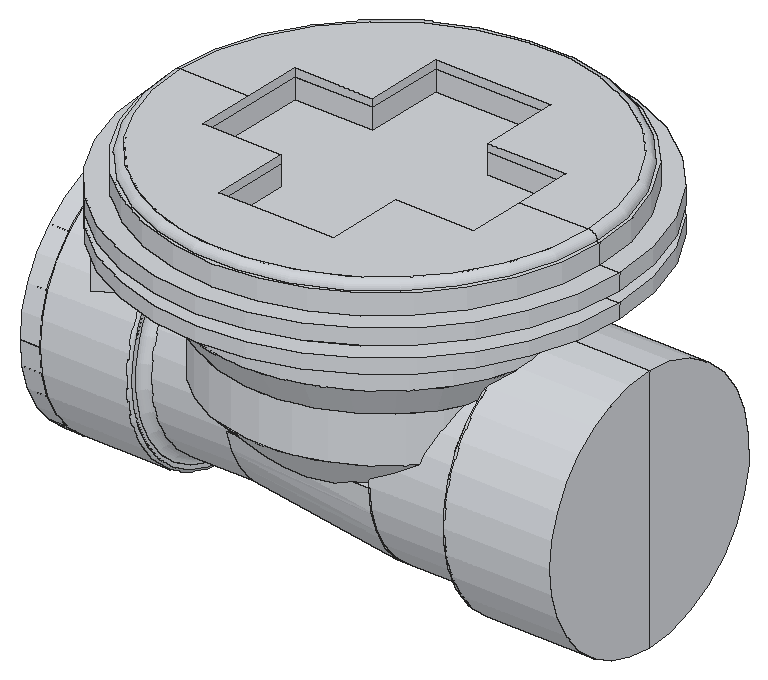
Revit family
Parameters
  URL = "www.siouxchief.com"
  Model = "869-S3P"
  Manufacturer = "Sioux Chief Manufacturing"
  Keynote = "Procheck Backflow Preventer"
  Description = "3\" PVC"
Reference planes (in)
  plane 1 "Center (Front/Back)": y = 0
  plane 2: z = 0
  plane 3 "Center (Left/Right)": x = 0
Forms (in)
  Revolve 1, solid
    sketch origin (6.20933, 0, 0) x (0, 0, 1) y (-1, 0, 0)
      loop
        line (-2.00277, 10.48306) -> (-2.00277, 8.77099)
        arc (-2.00277, 8.77099) -> (-1.98837, 8.73938) -> (-1.95771, 8.72306) r 0.05403
        line (-1.95771, 8.72306) -> (-1.89527, 8.72306)
        arc (-1.89527, 8.72306) -> (-1.7892, 8.67913) -> (-1.74527, 8.57306) r 0.15
        line (-1.74527, 8.57306) -> (-1.74527, 7.35856) -> (0, 7.35856) -> (0, 10.48306) -> (-2.00277, 10.48306)
      axis (0, 7.35856) -> (0, 10.48306)
    angle from 0 to 360
  Revolve 2, solid
    sketch origin (-6.20933, 0, -0.325) x (0, 0, 1) y (-1, 0, 0)
      loop
        line (-2.00277, -10.48306) -> (0, -10.48306) -> (0, -7.35856) -> (-1.74527, -7.35856) -> (-1.74527, -8.57306)
        arc (-1.74527, -8.57306) -> (-1.7892, -8.67913) -> (-1.89527, -8.72306) r 0.15
        line (-1.89527, -8.72306) -> (-1.95771, -8.72306)
        arc (-1.95771, -8.72306) -> (-1.98837, -8.73938) -> (-2.00277, -8.77099) r 0.05403
        line (-2.00277, -8.77099) -> (-2.00277, -10.48306)
      axis (0, -7.35856) -> (0, -10.48306)
    angle from 0 to 360
  Revolve 3, solid
    sketch origin (0, 0, 0) x (0, 0, 1) y (-1, 0, 0)
      loop
        line (3.2533, 3.4775) -> (2.9237, 3.4775) -> (2.9237, 3.8) -> (2.6737, 3.8) -> (2.6737, 3.4775) -> (2.4887, 3.4775) -> (2.4887, 3.8) -> (2.2598, 3.8) -> (2.2598, 2.88) -> (1.4989, 2.88) -> (0.966, 2.5126) -> (0.2115, 2.5126) -> (-0.4921, 1.809) -> (-0.4921, 0) -> (3.2533, 0) -> (3.2533, 3.4775)
      axis (3.2533, 0) -> (-0.4921, 0)
    angle from 0 to 360
  Extrusion 4, solid
    sketch origin (14.85944, -180, 25.11806) x (0, -1, 0) y (1, 0, 0)
      loop
        arc (-181.89136, -18.08549) -> (-180, -18.66043) -> (-178.10864, -18.08549) r 3.39844
        line (-178.10864, -18.08549) -> (-180, -14.85944) -> (-181.89136, -18.08549)
    from -24.08979 to -22.62936
  Blend 5, solid
    base sketch origin (1.14923, 0, -0.325) x (0, 1, 0) y (0, 0, -1)
      loop
        line (-1.7452, 0.01526) -> (1.7452, 0.01526)
        arc (1.7452, 0.01526) -> (0, 1.76046) -> (-1.7452, 0.01526) r 1.7452
    top sketch origin (1.14923, 0, -0.325) x (0, 1, 0) y (0, 0, -1)
      loop
        arc (1.7452, 0.01526) -> (0, 1.42027) -> (-1.7452, 0.01526) r 1.78639
        line (-1.7452, 0.01526) -> (1.7452, 0.01526)
    from 0 to 2.29846
  Extrusion 6, solid
    sketch origin (1.14923, 0, -0.325) x (0, 1, 0) y (0, 0, -1)
      loop
        circle (0, -0.325) r 2.00277
    from 5.11447 to 5.42296
  Revolve 7, solid
    sketch origin (0, 0, -0.1) x (0, 0, 1) y (-1, 0, 0)
      loop
        line (3.3533, 0) -> (3.4783, 0) -> (3.4783, 3.2925)
        arc (3.4783, 3.2925) -> (3.44351, 3.38414) -> (3.3533, 3.4225) r 0.12499
        line (3.3533, 3.4225) -> (3.3533, 0)
      axis (3.3533, 0) -> (3.4783, 0)
    angle from 0 to 360
  Extrusion 8, void
    sketch origin (14.85944, -180, 25.11806) x (0, -1, 0) y (1, 0, 0)
      loop
        line (-182.1885, -15.78694) -> (-177.8115, -15.78694) -> (-177.8115, -13.93194) -> (-182.1885, -13.93194) -> (-182.1885, -15.78694)
    from -22.19436 to -21.73976
  Extrusion 9, void
    sketch origin (-180, -14.85944, 25.11806) x (-1, 0, 0) y (0, -1, 0)
      loop
        line (-182.1885, -15.78694) -> (-177.8115, -15.78694) -> (-177.8115, -13.93194) -> (-182.1885, -13.93194) -> (-182.1885, -15.78694)
    from -22.19436 to -21.73976
Cuts and joins
  Extrusion 8, Extrusion 9 cuts Revolve 7
  Extrusion 8, Extrusion 9 cuts Revolve 3
Dimensions and locks (in)
  aligned and locked: plane 2 to level
  aligned and locked: Extrusion 4 to Revolve 3
  aligned and locked: Extrusion 8 to Revolve 7
Connectors (in)
  piping at (4.27373, 0, -0.325)
    settings: on Revolve 2, index 1, connector radius 1 1/2", flow factor 0, pipe flow 0 GPM, pressure drop 0.00 psi, fitting loss kfactor 0, connector angle 0.00°, fixture units 0, flow configuration 0, flow direction 2, fitting loss method 0, system type 22, connector reference index -1, connector utility 0, adjustable connector no, is connector primary yes, fitting loss table "", connector description ""
  piping at (-4.27373, 0, 0)
    settings: on Extrusion 6, index 2, connector radius 1 1/2", flow factor 0, pipe flow 0 GPM, pressure drop 0.00 psi, fitting loss kfactor 0, connector angle 0.00°, fixture units 0, flow configuration 0, flow direction 1, fitting loss method 0, system type 22, connector reference index -1, connector utility 0, adjustable connector no, is connector primary no, fitting loss table "", connector description ""
